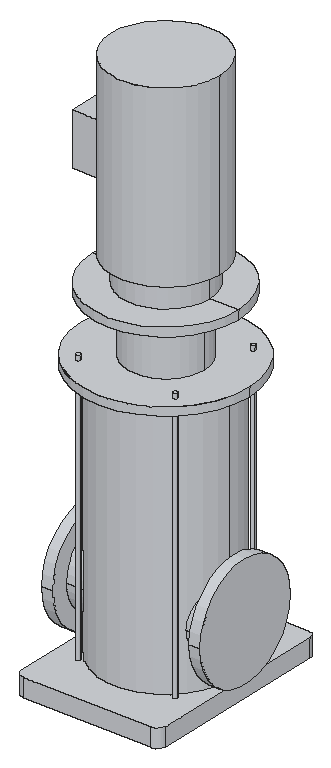
Revit family "多级离心泵 - 立式", category 机械设备, Revit 2020
Family settings
  圆形连接件大小 = 使用半径
  分类 = 泵
  零件类型 = 标准
  基于工作平面 = 否
  总是垂直 = 是
  加载时剪切的空心 = 否
  共享 = 否
  房间计算点 = 否
Parameters (values of type "150 CMH - 382.2 m")
  默认高程 = 0.0 mm
  编码 [instance] = "450007"
  标签 [instance] = "123,789"
  h = 43.0 mm
  重量 = "172 kg"
  电压 = 380 V
  半径 12 = if(G1 < 2 * H, G1 / 2 - 2.0 mm, H)  # 180.0 mm
  泵符号 = 泵符号
  长度 7 = 半径 12 * sin(30.00°)  # 90.0 mm
  长度 6 = 2 * 半径 12 * cos(30.00°)  # 311.769 mm
  长度 5 = 0.4 * G1  # 152.0 mm
  长度 4 = 0.4 * G  # 188.8 mm
  D = 270.0 mm
  半径 11 = if(公称直径 < 65.0 mm, 半径 9, 法兰半径)  # 135.0 mm
  公称半径 = 62.5 mm
  公称直径 = 公称半径 * 2  # 125 mm
  半径 9 = D / 2  # 135.0 mm
  半径 8 = 0.6 * 半径 5  # 105.0 mm
  半径 7 = D1 / 2  # 130.0 mm
  半径 6 = 0.8 * 半径 5  # 140.0 mm
  半径 5 = if(D3 > 0.0 mm, D3 / 2, 1.5 * 半径 4)  # 175.0 mm
  半径 4 = 0.6 * 半径 2  # 92.88 mm
  半径 3 = 1.3 * 半径 2  # 201.24 mm
  半径 2 = 0.45 * G2  # 154.8 mm
  半径 10 = if(公称直径 < 65.0 mm, 半径 9 - 2.0 mm, 0.7 * 半径 9)  # 94.5 mm
  半径 1 = 20.0 mm  # constant formula
  泵材质 = none
  长度 3 = 高度 4 / 2  # 16.8 mm
  高度 4 = 0.8 * if(D2 - 半径 7 < 高度 3, D2 - 半径 7, 高度 3)  # 33.6 mm
  水头 [instance] = 3.9 MPa
  极数 = 3
  负荷分类 = 电气器具 - 居住单元
  长度 2 = if(公称直径 < 65.0 mm, 20.0 mm, 法兰厚度)  # 26.0 mm
  长度 1 = (半径 2 + 10.0 mm) * sin(45.00°)  # 116.531 mm
  高度 3 = B2 / 4  # 124.75 mm
  高度 2 = B2 / 7  # 71.286 mm
  高度 1 = B2 / 3  # 166.333 mm
  H = 180.0 mm
  G2 = 344.0 mm
  G1 = 380.0 mm
  G = 472.0 mm
  流量 [instance] = 150.0 m³/h
  法兰厚度 = size_lookup(法兰查找表, "FThk", 0.02 * 公称直径 + 17.5 mm, 公称直径)  # 26.0 mm
  法兰半径 = 法兰直径 / 2  # 135.0 mm
  法兰查找表 = "CHS_Flange Flat Face - Integral - Steel - PN 25"
  法兰直径 = size_lookup(法兰查找表, "FDia", 1.11 * 公称直径 + 113.0 mm, 公称直径)  # 270.0 mm
  D3 = 350.0 mm
  D2 = 172.0 mm
  D1 = 260.0 mm
  B2 = 499.0 mm
  B1 = 834.0 mm
  视在负荷 = 75 kW
Types (12, lengths in mm): name | 编码 | 标签 | h | 重量 | 半径 12 | 长度 7 | 长度 6 | 长度 5 | 长度 4 | D | 半径 11 | 公称半径 | 公称直径 | 半径 9 | 半径 8 | 半径 7 | 半径 6 | 半径 5 | 半径 4 | 半径 3 | 半径 2 | 半径 10 | 长度 3 | 高度 4 | 水头 | 长度 2 | 长度 1 | 高度 3 | 高度 2 | 高度 1 | H | G2 | G1 | G | 流量 | 法兰厚度 | 法兰半径 | 法兰直径 | D3 | D2 | D1 | B2 | B1 | 视在负荷
  150 CMH - 382.2 m | "450007" | "123,789" | 43.0 | "172 kg" | 180.0 | 90.0 | 311.769 | 152.0 | 188.8 | 270.0 | 135.0 | 62.5 | 125 | 135.0 | 105.0 | 130.0 | 140.0 | 175.0 | 92.88 | 201.24 | 154.8 | 94.5 | 16.8 | 33.6 | 3.9 MPa | 26.0 | 116.531 | 124.75 | 71.286 | 166.333 | 180.0 | 344.0 | 380.0 | 472.0 | 150.0 m³/h | 26.0 | 135.0 | 270.0 | 350.0 | 172.0 | 260.0 | 499.0 | 834.0 | 75 kW
  120 CMH - 392.0 m | "" | "" | 45.0 | "175 kg" | 140.0 | 70.0 | 242.487 | 152.0 | 139.2 | 235.0 | 117.5 | 50 | 100 | 117.5 | 105.0 | 130.0 | 140.0 | 175.0 | 70.47 | 152.685 | 117.45 | 82.25 | 16.8 | 33.6 | 4.0 MPa | 24.0 | 90.121 | 124.75 | 71.286 | 166.333 | 140.0 | 261.0 | 380.0 | 348.0 | 120.0 m³/h | 24.0 | 117.5 | 235.0 | 350.0 | 172.0 | 260.0 | 499.0 | 834.0 | 75 kW
  90 CMH - 392.0 m | "" | "" | 45.0 | "109 kg" | 140.0 | 70.0 | 242.487 | 152.0 | 139.2 | 235.0 | 117.5 | 50 | 100 | 117.5 | 90.0 | 110.0 | 120.0 | 150.0 | 70.47 | 152.685 | 117.45 | 82.25 | 9.6 | 19.2 | 4.0 MPa | 24.0 | 90.121 | 97.75 | 55.857 | 130.333 | 140.0 | 261.0 | 380.0 | 348.0 | 90.0 m³/h | 24.0 | 117.5 | 235.0 | 300.0 | 134.0 | 220.0 | 391.0 | 571.0 | 45 kW
  64 CMH - 382.2 m | "" | "" | 45.0 | "143 kg" | 140.0 | 70.0 | 242.487 | 146.0 | 132.4 | 235.0 | 117.5 | 50 | 100 | 117.5 | 105.0 | 130.0 | 140.0 | 175.0 | 66.96 | 145.08 | 111.6 | 82.25 | 16.8 | 33.6 | 3.9 MPa | 24.0 | 85.984 | 124.75 | 71.286 | 166.333 | 140.0 | 248.0 | 365.0 | 331.0 | 64.0 m³/h | 24.0 | 117.5 | 235.0 | 350.0 | 172.0 | 260.0 | 499.0 | 754.0 | 45 kW
  45 CMH - 382.2 m | "" | "" | 45.0 | "144 kg" | 140.0 | 70.0 | 242.487 | 146.0 | 132.4 | 200.0 | 100.0 | 40 | 80 | 100.0 | 105.0 | 130.0 | 140.0 | 175.0 | 66.96 | 145.08 | 111.6 | 70.0 | 16.8 | 33.6 | 3.9 MPa | 24.0 | 85.984 | 124.75 | 71.286 | 166.333 | 140.0 | 248.0 | 365.0 | 331.0 | 45.0 m³/h | 24.0 | 100.0 | 200.0 | 350.0 | 172.0 | 260.0 | 499.0 | 829.0 | 30 kW
  32 CMH - 382.2 m | "" | "" | 30.0 | "139 kg" | 105.0 | 52.5 | 181.865 | 128.0 | 119.2 | 185.0 | 92.5 | 32.5 | 65 | 92.5 | 105.0 | 130.0 | 140.0 | 175.0 | 61.02 | 132.21 | 101.7 | 64.75 | 16.8 | 33.6 | 3.9 MPa | 22.0 | 78.984 | 124.75 | 71.286 | 166.333 | 105.0 | 226.0 | 320.0 | 298.0 | 32.0 m³/h | 22.0 | 92.5 | 185.0 | 350.0 | 172.0 | 260.0 | 499.0 | 895.0 | 18.5 kW
  20 CMH - 470.4 m | "" | "" | 26.0 | "59 kg" | 90.0 | 45.0 | 155.885 | 104.4 | 99.2 | 60.1 | 30.05 | 25 | 50 | 30.05 | 48.6 | 110.0 | 64.8 | 81.0 | 54.0 | 117.0 | 90.0 | 28.05 | 9.6 | 19.2 | 4.8 MPa | 20.0 | 70.711 | 93.0 | 53.143 | 124.0 | 90.0 | 200.0 | 261.0 | 248.0 | 20.0 m³/h | 20.0 | 82.5 | 165.0 | 0.0 | 134.0 | 220.0 | 372.0 | 463.0 | 18.5 kW
  15 CMH - 450.8 m | "" | "" | 26.0 | "48 kg" | 90.0 | 45.0 | 155.885 | 104.4 | 99.2 | 60.1 | 30.05 | 25 | 50 | 30.05 | 48.6 | 99.0 | 64.8 | 81.0 | 54.0 | 117.0 | 90.0 | 28.05 | 8.4 | 16.8 | 4.6 MPa | 20.0 | 70.711 | 83.75 | 47.857 | 111.667 | 90.0 | 200.0 | 261.0 | 248.0 | 15.0 m³/h | 20.0 | 82.5 | 165.0 | 0.0 | 120.0 | 198.0 | 335.0 | 463.0 | 15 kW
  10 CMH - 431.2 m | "" | "" | 26.0 | "31 kg" | 80.0 | 40.0 | 138.564 | 104.4 | 99.2 | 60.1 | 30.05 | 25 | 50 | 30.05 | 48.6 | 70.5 | 64.8 | 81.0 | 54.0 | 117.0 | 90.0 | 28.05 | 15.4 | 30.8 | 4.4 MPa | 20.0 | 70.711 | 57.75 | 33.0 | 77.0 | 80.0 | 200.0 | 261.0 | 248.0 | 10.0 m³/h | 20.0 | 82.5 | 165.0 | 0.0 | 109.0 | 141.0 | 231.0 | 357.0 | 7.5 kW
  5 CMH - 450.8 m | "" | "" | 22.0 | "18 kg" | 50.0 | 25.0 | 86.603 | 84.0 | 128.0 | 42.2 | 21.1 | 16 | 32 | 21.1 | 36.45 | 70.5 | 48.6 | 60.75 | 40.5 | 87.75 | 67.5 | 19.1 | 15.4 | 30.8 | 4.6 MPa | 20.0 | 54.801 | 47.75 | 27.286 | 63.667 | 50.0 | 150.0 | 210.0 | 320.0 | 5.0 m³/h | 18.0 | 70.0 | 140.0 | 0.0 | 109.0 | 141.0 | 191.0 | 311.0 | 5.5 kW
  3 CMH - 460.6 m | "" | "" | 22.0 | "99 kg" | 50.0 | 25.0 | 86.603 | 84.0 | 128.0 | 42.2 | 21.1 | 16 | 32 | 21.1 | 48.0 | 110.0 | 64.0 | 80.0 | 40.5 | 87.75 | 67.5 | 19.1 | 31.2 | 62.4 | 4.7 MPa | 20.0 | 54.801 | 93.0 | 53.143 | 124.0 | 50.0 | 150.0 | 210.0 | 320.0 | 3.0 m³/h | 18.0 | 70.0 | 140.0 | 160.0 | 188.0 | 220.0 | 372.0 | 680.0 | 7.5 kW
  1 CMH - 460.6 m | "" | "" | 22.0 | "65 kg" | 50.0 | 25.0 | 86.603 | 84.0 | 128.0 | 42.2 | 21.1 | 16 | 32 | 21.1 | 48.0 | 110.0 | 64.0 | 80.0 | 40.5 | 87.75 | 67.5 | 19.1 | 31.2 | 62.4 | 4.7 MPa | 20.0 | 54.801 | 93.0 | 53.143 | 124.0 | 50.0 | 150.0 | 210.0 | 320.0 | 1.0 m³/h | 18.0 | 70.0 | 140.0 | 160.0 | 188.0 | 220.0 | 372.0 | 680.0 | 7.5 kW
Reference planes
  plane 1 "中心(前/后)": y = 0
  plane 2: z = 0
  plane 3 "中心(左/右)": x = 0
  plane 4: x = -172
  plane 5: x = 172
  plane 6: z = 43
  plane 7: z = 180
  plane 8: z = 834
  plane 9: z = 1333
  plane 10: y = 236
  plane 11: y = -236
  plane 12: z = 667.667
  plane 13: z = 687.667
  plane 14: x = 190
  plane 15: x = -190
  plane 16: z = 824
  plane 17: x = -175
  plane 18: x = -140
  plane 19: z = 814
  plane 20: x = -116.531
  plane 21: x = 116.531
  plane 22: y = 116.531
  plane 23: y = -116.531
  plane 24: z = 905.286
  plane 25: z = 1119.143
  plane 26: z = 1181.518
  plane 27: z = 1056.768
  plane 28: x = -172
  plane 29: x = -130
  plane 30: x = -65
  plane 31: y = 65
  plane 32: y = -65
  plane 33: x = -164
  plane 34: x = 164
  plane 35: z = 697.667
  plane 36: z = 844
  plane 37: x = -130
  plane 38: x = -151
  plane 39: x = -159.4
  plane 40: x = -142.6
  plane 41: z = 1135.943
  plane 42: z = 1102.343
  plane 43: y = -47.2
  plane 44: z = 360
  plane 45: x = 38
  plane 46: x = -90
  plane 47: x = 180
  plane 48: z = 335.885
  plane 49: z = 24.115
  plane 50: x = -180
  plane 51: y = 0.2
  plane 52: y = -0.2
Forms (mm)
  Extrusion 1, solid, material <- "泵材质", detail levels fine
    sketch origin (0, 0, 0) x (1, 0, 0) y (0, 1, 0)
      loop
        arc (-152, 236) -> (-166.142, 230.142) -> (-172, 216) r 20
        line (-172, 216) -> (-172, -216)
        arc (-172, -216) -> (-166.142, -230.142) -> (-152, -236) r 20
        line (-152, -236) -> (152, -236)
        arc (152, -236) -> (166.142, -230.142) -> (172, -216) r 20
        line (172, -216) -> (172, 216)
        arc (172, 216) -> (166.142, 230.142) -> (152, 236) r 20
        line (152, 236) -> (-152, 236)
    from 0 to 43
  Extrusion 2, solid, material <- "泵材质", detail levels fine
    sketch origin (0, 0, 0) x (1, 0, 0) y (0, 1, 0)
      loop
        circle (0, 0) r 154.8
    from 43 to 667.667
  Extrusion 3, solid, material <- "泵材质", detail levels fine
    sketch origin (0, 0, 0) x (1, 0, 0) y (0, 1, 0)
      loop
        circle (0, 0) r 201.24
    from 667.667 to 687.667
  Extrusion 4, solid, material <- "泵材质", detail levels fine
    sketch origin (0, 0, 0) x (1, 0, 0) y (0, 1, 0)
      loop
        circle (0, 0) r 92.88
    from 687.667 to 814
  Revolve 5, solid, material <- "泵材质", detail levels fine
    sketch origin (0, 0, 0) x (1, 0, 0) y (0, 0, 1)
      loop
        line (-175, 844) -> (-175, 824) -> (-140, 824) -> (-140, 814) -> (0, 814) -> (0, 844) -> (-175, 844)
      axis (0, 844) -> (0, 814)
    angle from 0 to 360
  Extrusion 6, solid, material <- "泵材质", detail levels fine
    sketch origin (0, 0, 0) x (1, 0, 0) y (0, 1, 0)
      loop
        circle (-116.531, 116.531) r 5
      loop
        circle (116.531, 116.531) r 5
      loop
        circle (-116.531, -116.531) r 5
      loop
        circle (116.531, -116.531) r 5
    from 43 to 697.667
  Extrusion 7, solid, material <- "泵材质", detail levels fine
    sketch origin (0, 0, 0) x (1, 0, 0) y (0, 1, 0)
      loop
        circle (0, 0) r 130
    from 905.286 to 1333
  Extrusion 8, solid, material <- "泵材质", detail levels fine
    sketch origin (0, 0, 0) x (1, 0, 0) y (0, 1, 0)
      loop
        circle (0, 0) r 105
    from 844 to 905.286
  Extrusion 9, solid, material <- "泵材质", detail levels fine
    sketch origin (0, 0, 0) x (1, 0, 0) y (0, 0, 1)
      loop
        line (-172, 1181.518) -> (-172, 1056.768) -> (-65, 1056.768) -> (-65, 1181.518) -> (-172, 1181.518)
    from -65 to 65
  Extrusion 10, solid, material <- "泵材质", detail levels fine
    sketch origin (0, 0, 0) x (0, 1, 0) y (0, 0, 1)
      loop
        circle (0, 180) r 94.5
    from -164 to 164
  Extrusion 11, solid, material <- "泵材质", detail levels fine
    sketch origin (0, 0, 0) x (0, 1, 0) y (0, 0, 1)
      loop
        circle (0, 180) r 135
    from 164 to 190
  Extrusion 12, solid, material <- "泵材质", detail levels fine
    sketch origin (0, 0, 0) x (0, 1, 0) y (0, 0, 1)
      loop
        circle (0, 180) r 135
    from -190 to -164
  Extrusion 13, solid, material "泵符号" <- "泵符号", detail levels coarse+medium
    sketch origin (0, 0, 0) x (1, 0, 0) y (0, 0, 1)
      loop
        line (-90, 335.885) -> (-90, 24.115) -> (180, 180) -> (-90, 335.885)
    from -0.2 to 0.2
Cuts and joins
  joined: Extrusion 1, Extrusion 2, Extrusion 3, Extrusion 4, Revolve 5, Extrusion 6, Extrusion 7, Extrusion 8, Extrusion 9, Extrusion 10, Extrusion 11, Extrusion 12
Lines and regions (mm)
  model lines, style "泵", detail levels fine
    curve 1: line (-151, -65, 1135.943) -> (-159.4, -65, 1119.143)
    curve 2: line (-159.4, -65, 1119.143) -> (-142.6, -65, 1119.143)
    curve 3: line (-142.6, -65, 1119.143) -> (-151, -65, 1102.343)
  symbolic lines, style "泵符号", detail levels coarse+medium
    curve 4: line (-190, 236, 0) -> (190, 236, 0)
    curve 5: line (-190, -236, 0) -> (-190, 236, 0)
    curve 6: line (190, -236, 0) -> (-190, -236, 0)
    curve 7: line (190, 236, 0) -> (190, -236, 0)
    curve 8: line (-190, -47.2, 0) -> (190, -47.2, 0)
    curve 9: line (-190, -47.2, 0) -> (190, -236, 0)
    curve 10: line (190, -47.2, 0) -> (-190, -236, 0)
    curve 11: line (0, 236, 360) -> (0, -236, 360)
    curve 12: line (0, 236, 0) -> (0, 236, 360)
    curve 13: line (0, -236, 0) -> (0, 236, 0)
    curve 14: line (0, -236, 360) -> (0, -236, 0)
    curve 15: line (0, -236, 360) -> (0, -47.2, 0)
    curve 16: line (0, -47.2, 360) -> (0, -236, 0)
    curve 17: line (0, -47.2, 360) -> (0, -47.2, 0)
    curve 18: line (-190, -65, 360) -> (190, -65, 360)
    curve 19: line (-190, -65, 0) -> (-190, -65, 360)
    curve 20: line (190, -65, 0) -> (-190, -65, 0)
    curve 21: line (190, -65, 360) -> (190, -65, 0)
    curve 22: line (38, -65, 360) -> (38, -65, 0)
    curve 23: line (38, -65, 360) -> (190, -65, 0)
    curve 24: line (190, -65, 360) -> (38, -65, 0)
  model lines, style "泵符号", detail levels coarse+medium
    curve 25: circle (0, 0, 180) r 180 normal (0, -1, 0)
    curve 26: line (-180, 0, 180) -> (-190, 0, 180)
    curve 27: line (180, 0, 180) -> (190, 0, 180)
Dimensions and locks
  equal spacing: plane 4, plane 3 "中心(左/右)", plane 5
  "G2": plane 4 to plane 5
  "h": plane 6 to plane 2
  "H": plane 7 to plane 2
  "B1": plane 8 to plane 2
  "B2": plane 9 to plane 8
  equal spacing: plane 10, plane 1 "中心(前/后)", plane 11
  "G": plane 10 to plane 11
  "高度 1": plane 8 to plane 12
  locked: plane 13 to plane 12 at 20
  equal spacing: plane 15, plane 3 "中心(左/右)", plane 14
  "G1": plane 15 to plane 14
  locked: plane 8 to plane 16 at 10
  "半径 6": plane 18 to plane 3 "中心(左/右)"
  "半径 5": plane 3 "中心(左/右)" to plane 17
  locked: plane 16 to plane 19 at 10
  equal spacing: plane 20, plane 3 "中心(左/右)", plane 21
  "长度 1": plane 20 to plane 3 "中心(左/右)"
  equal spacing: plane 22, plane 1 "中心(前/后)", plane 23
  "长度 1": plane 22 to plane 1 "中心(前/后)"
  "高度 2": plane 24 to plane 8
  equal spacing: plane 24, plane 25, plane 9
  equal spacing: plane 26, plane 25, plane 27
  "高度 3": plane 26 to plane 27
  "D2": plane 28 to plane 3 "中心(左/右)"
  "半径 7": plane 3 "中心(左/右)" to plane 29
  equal spacing: plane 3 "中心(左/右)", plane 30, plane 29
  equal spacing: plane 31, plane 1 "中心(前/后)", plane 32
  "半径 7": plane 31 to plane 32
  "长度 2": plane 34 to plane 14
  "长度 2": plane 15 to plane 33
  locked: plane 35 to plane 13 at 10
  locked: plane 36 to plane 8 at 10
  "半径 7": plane 37 to plane 3 "中心(左/右)"
  equal spacing: plane 28, plane 38, plane 37
  equal spacing: plane 40, plane 38, plane 39
  "长度 3": plane 40 to plane 39
  equal spacing: plane 41, plane 25, plane 42
  "高度 4": plane 41 to plane 42
  "长度 4": plane 43 to plane 11
  "H": plane 44 to plane 7
  "长度 5": plane 14 to plane 45
  "长度 7": plane 3 "中心(左/右)" to plane 46
  equal spacing: plane 48, plane 7, plane 49
  "长度 6": plane 48 to plane 49
  equal spacing: plane 47, plane 3 "中心(左/右)", plane 50
  "半径 12": plane 47 to plane 3 "中心(左/右)"
  locked: plane 51 to plane 1 "中心(前/后)" at 0.2
  locked: plane 52 to plane 1 "中心(前/后)" at 0.2
  "半径 1": radius of Extrusion 1 sketch curve  (x4)
  "半径 2": radius of Extrusion 2 sketch curve
  "半径 3": radius of Extrusion 3 sketch curve
  "半径 4": radius of Extrusion 4 sketch curve
  "半径 7": radius of Extrusion 7 sketch curve
  "半径 8": radius of Extrusion 8 sketch curve
  "半径 10": radius of Extrusion 10 sketch curve
  "半径 11": radius of Extrusion 11 sketch curve
  "半径 11": radius of Extrusion 12 sketch curve
  "半径 12": radius of curve 25
  aligned and locked: level to plane 2
  aligned and locked: Extrusion 1 sketch curve to plane 10
  aligned and locked: plane 4 to Extrusion 1 sketch curve
  aligned and locked: plane 11 to Extrusion 1 sketch curve
  aligned and locked: plane 5 to Extrusion 1 sketch curve
  aligned and locked: Extrusion 1 to plane 2
  aligned and locked: plane 6 to Extrusion 1
  aligned and locked: plane 1 "中心(前/后)" to Extrusion 2 sketch curve
  aligned and locked: plane 3 "中心(左/右)" to Extrusion 2 sketch curve
  aligned and locked: Extrusion 2 to plane 6
  aligned and locked: plane 12 to Extrusion 2
  aligned and locked: plane 1 "中心(前/后)" to Extrusion 3 sketch curve
  aligned and locked: plane 3 "中心(左/右)" to Extrusion 3 sketch curve
  aligned and locked: plane 13 to Extrusion 3
  aligned and locked: Extrusion 3 to plane 12
  aligned and locked: plane 1 "中心(前/后)" to Extrusion 4 sketch curve
  aligned and locked: plane 3 "中心(左/右)" to Extrusion 4 sketch curve
  aligned and locked: Extrusion 4 to plane 13
  aligned and locked: Revolve 5 sketch curve to plane 16
  aligned and locked: plane 3 "中心(左/右)" to Revolve 5 sketch curve
  aligned and locked: Revolve 5 sketch curve to plane 17
  aligned and locked: Revolve 5 sketch curve to plane 3 "中心(左/右)"
  aligned and locked: Revolve 5 sketch curve to plane 19
  aligned and locked: plane 18 to Revolve 5 sketch curve
  aligned and locked: plane 19 to Extrusion 4
  aligned and locked: plane 22 to Extrusion 6 sketch curve  (x2)
  aligned and locked: plane 20 to Extrusion 6 sketch curve  (x2)
  aligned and locked: plane 21 to Extrusion 6 sketch curve  (x2)
  aligned and locked: plane 23 to Extrusion 6 sketch curve  (x2)
  aligned and locked: Extrusion 6 to plane 6
  aligned and locked: plane 1 "中心(前/后)" to Extrusion 7 sketch curve
  aligned and locked: plane 3 "中心(左/右)" to Extrusion 7 sketch curve
  aligned and locked: Extrusion 7 to plane 24
  aligned and locked: plane 9 to Extrusion 7
  aligned and locked: plane 1 "中心(前/后)" to Extrusion 8 sketch curve
  aligned and locked: plane 3 "中心(左/右)" to Extrusion 8 sketch curve
  aligned and locked: plane 24 to Extrusion 8
  aligned and locked: Extrusion 9 sketch curve to plane 26
  aligned and locked: plane 28 to Extrusion 9 sketch curve
  aligned and locked: plane 27 to Extrusion 9 sketch curve
  aligned and locked: Extrusion 9 sketch curve to plane 30
  aligned and locked: plane 7 to Extrusion 10 sketch curve
  aligned and locked: plane 1 "中心(前/后)" to Extrusion 10 sketch curve
  aligned and locked: plane 35 to Extrusion 6
  aligned and locked: plane 7 to Extrusion 11 sketch curve
  aligned and locked: plane 1 "中心(前/后)" to Extrusion 11 sketch curve
  aligned and locked: plane 34 to Extrusion 10
  aligned and locked: Extrusion 10 to plane 33
  aligned and locked: Extrusion 11 to plane 34
  aligned and locked: Extrusion 11 to plane 14
  aligned and locked: plane 7 to Extrusion 12 sketch curve
  aligned and locked: plane 1 "中心(前/后)" to Extrusion 12 sketch curve
  aligned and locked: plane 33 to Extrusion 12
  aligned and locked: Extrusion 12 to plane 15
  aligned and locked: plane 36 to Revolve 5 sketch curve
  aligned and locked: cut or joined group 1 (Extrusion 1, Extrusion 2, Extrusion 3, Extrusion 4, Revolve 5, Extrusion 6, Extrusion 7, Extrusion 8, Extrusion 9, Extrusion 10, Extrusion 11, Extrusion 12) to plane 36
  aligned and locked: plane 31 to Extrusion 9
  aligned and locked: Extrusion 9 to plane 32
  aligned and locked: plane 42 to curve 3
  aligned and locked: plane 38 to curve 3
  aligned and locked: plane 40 to curve 3
  aligned and locked: plane 25 to curve 3
  aligned and locked: plane 25 to curve 2
  aligned and locked: plane 39 to curve 2
  aligned and locked: plane 41 to curve 1
  aligned and locked: plane 38 to curve 1
  aligned and locked: plane 15 to curve 5
  aligned and locked: plane 14 to curve 7
  aligned and locked: plane 11 to curve 6
  aligned and locked: curve 8 to plane 43
  aligned and locked: plane 11 to curve 10
  aligned and locked: plane 43 to curve 10
  aligned and locked: plane 14 to curve 10
  aligned and locked: plane 15 to curve 9
  aligned and locked: plane 2 to curve 16
  aligned and locked: plane 44 to curve 15
  aligned and locked: plane 43 to curve 16
  aligned and locked: plane 43 to curve 15
  aligned and locked: plane 11 to curve 14
  aligned and locked: curve 11 to plane 44
  aligned and locked: curve 12 to plane 10
  aligned and locked: plane 2 to curve 17
  aligned and locked: plane 43 to curve 17
  aligned and locked: plane 2 to curve 23
  aligned and locked: plane 14 to curve 24
  aligned and locked: plane 45 to curve 23
  aligned and locked: plane 45 to curve 24
  aligned and locked: plane 2 to curve 24
  aligned and locked: curve 18 to plane 44
  aligned and locked: plane 44 to curve 22
  aligned and locked: curve 22 to plane 45
  aligned and locked: plane 15 to curve 19
  aligned and locked: plane 7 to curve 25
  aligned and locked: plane 3 "中心(左/右)" to curve 25
  aligned and locked: plane 15 to curve 26
  aligned and locked: plane 7 to curve 26
  aligned and locked: plane 14 to curve 27
  aligned and locked: curve 27 to plane 7
  aligned and locked: plane 48 to Extrusion 13 sketch curve
  aligned and locked: plane 46 to Extrusion 13 sketch curve  (x2)
  aligned and locked: plane 49 to Extrusion 13 sketch curve
  aligned and locked: plane 47 to Extrusion 13 sketch curve
  aligned and locked: plane 7 to Extrusion 13 sketch curve
  aligned and locked: Extrusion 13 to plane 52
  aligned and locked: plane 51 to Extrusion 13
Automatic sketch dimensions
  Extrusion 3 sketch curve to plane 3 "中心(左/右)" = 0.0 mm
  Revolve 5 sketch curve to level = 366.045 mm
  plane 9 to Revolve 5 sketch curve = 1162.315 mm
  curve 4 to plane 10 = 0.0 mm
  radius of Extrusion 6 sketch curve = 5.0 mm  (x4)
Connectors
  piping at (-190, 0, 180), diameter 125, driven by "流量", driven by "公称半径"
    settings: on Extrusion 12, index 1, connector inside diameter 32 mm, connector length 0.0 mm, flow factor 0, pipe flow 150.0 m³/h, pressure drop 0.0 MPa, fitting loss kfactor 0, connector angle 0.00°, fixture units 0, engagement length 0.0 mm, angle of deflection 0.00°, flow configuration 0, flow direction 1, fitting loss method 0, system type 29, joint type 0, gender type 0, connector reference index 2, connector utility 0, adjustable connector no, is connector primary yes, connector description "吸入口"
  piping at (190, 0, 180), diameter 125, driven by "流量", driven by "公称半径"
    settings: on Extrusion 11, index 2, connector inside diameter 32 mm, connector length 0.0 mm, flow factor 0, pipe flow 150.0 m³/h, pressure drop 0.0 MPa, fitting loss kfactor 0, connector angle 0.00°, fixture units 0, engagement length 0.0 mm, angle of deflection 0.00°, flow configuration 0, flow direction 2, fitting loss method 0, system type 29, joint type 0, gender type 0, connector reference index 1, connector utility 0, adjustable connector no, is connector primary no, connector description "排放口"
  electrical at (-142.292, -65, 1119.143), driven by "极数", driven by "负荷分类", driven by "电压", driven by "视在负荷"
    settings: on cut or joined group 1, index 3, voltage 380 V, apparent load 75 kW, apparent load phase1 0 kW, apparent load phase2 0 kW, apparent load phase3 0 kW, power factor 0.8, load classification "电气器具 - 居住单元", number of poles 3, system type 30, power factor state 1, is connector primary yes, connector utility no, sub classification motor no, connector description ""
